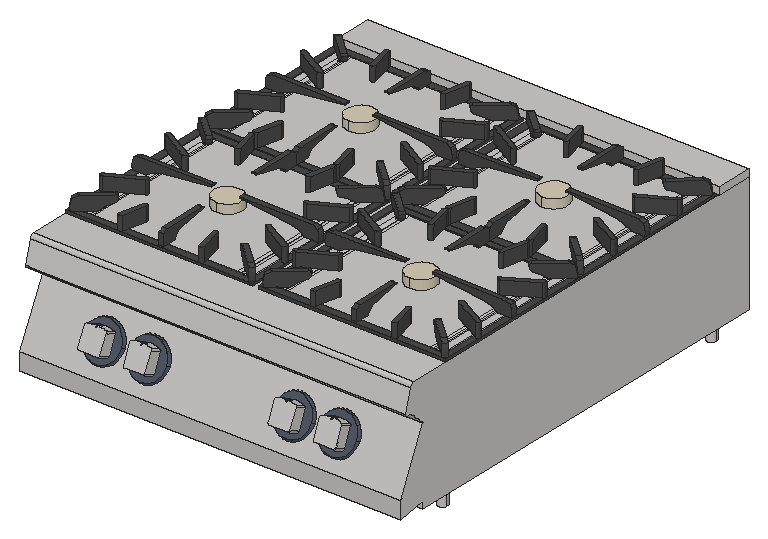
Revit family "QF_ZANUSSI_392002_Z9GCGH4S00", category Specialty Equipment, Revit 2018
Family settings
  Round Connector Dimension = Use Diameter
  Part Type = Normal
  Work Plane-Based = No
  Always vertical = Yes
  Cut with Voids When Loaded = No
  Shared = No
  Room Calculation Point = No
Parameters
  Weight in Pounds = 79
  Weight = 0.00 kg
  Watts = 0 W
  Volts = 0 V
  URL Manufacturer = "http://www.zanussiprofessional.com"
  URL Cutsheet = "www.electrolux.com"
  URL = "http://www.zanussiprofessional.com"
  Type Mark [instance] = ""
  Steam Supply Size = 0"
  Steam Supply Minimum Pressure = 0.00 psi
  Steam Supply Maximum Pressure = 0.00 psi
  Steam Pounds per Hour = 0
  Status [instance] = ""
  Specification by User [instance] = ""
  Specification by Manufacturer = ""
  Show Logo [instance] = yes
  Show Clearance [instance] = yes
  Serial Number = ""
  Seismic Rating = ""
  SMACNA No = ""
  Revision Code [instance] = ""
  Refrigeration Suction Line Size = 0"
  Refrigeration Liquid Line Size = 0"
  Refrigerant Compressor Remote = yes
  Phase = 0
  Omniclass Number and Title = ""
  NAFEM Spec ID Number = ""
  Model = "Z9GCGH4S00"
  Mechanical Remarks [instance] = ""
  Mechanical Connection Type [instance] = ""
  Masterspec = ""
  Manufacturer = "Zanussi"
  Length Actual = 800 mm  # constant formula
  Item Number [instance] = "392002"
  Installed By [instance] = ""
  Identify Quantity as Lot [instance] = yes
  Hot Water Size = 0"
  Height Actual = 250 mm  # constant formula
  HP = "0 HP"
  Gas Size = 1/2"
  Gas RI Height [instance] = 0 mm
  Gas KW [instance] = 28
  Gas Input [instance] = 0.691056 Btu/h
  Gas Connection Height = 0 mm
  Furnished By [instance] = ""
  Foodservice Equipment Identifier [instance] = yes
  Direct Waste Size = 0"
  Description = "4-BURNER GAS BOILING TOP 800 MM"
  Depth Actual = 900 mm  # constant formula
  Cycle = 0 Hz
  Condensate Return Size = 0"
  Compressed Air Volume = 0 GPM
  Compressed Air Size = 0"
  Compressed Air Pressure = 0.00 psi
  Cold Water Size = 0"
  CSI MasterFormat = ""
  CSI Master Format = ""
  Accessory = yes
Reference planes
  plane 1 "BACK": y = 0
  plane 2: z = 0
  plane 3 "LEFT": x = 0
  plane 4 "RIGHT": x = 800.1
  plane 5 "FRONT": y = -915
  plane 6 "TOP": z = 310
  plane 7 "Center Y": x = 400.05
  plane 8 "Center X": y = -457.5
  plane 9: z = 24
  plane 10: z = 274
  plane 11: y = -82
  plane 12: y = -900.275
  plane 13: y = -666
  plane 14: y = -607
  plane 15: y = -790
Forms (mm)
  Extrusion 1, solid, material "QF_Finishes_Stainless Steel"
    sketch origin (0, 0, 0) x (0, 1, 0) y (0, 0, 1)
      loop
        line (0, 24) -> (0, 273.175) -> (-879.358, 273.175)
        arc (-879.358, 273.175) -> (-884.643, 270.986) -> (-886.833, 265.701) r 7.474
        line (-886.833, 265.701) -> (-899.884, 220.186)
        arc (-899.884, 220.186) -> (-899.396, 217.554) -> (-897, 216.359) r 3
        line (-897, 216.359) -> (-886.802, 216.359) -> (-854.982, 184.539) -> (-915, 64.508) -> (-915, 29.508) -> (-858.645, 37.428)
        arc (-858.645, 37.428) -> (-856.101, 36.674) -> (-855, 34.259) r 3.2
        line (-855, 34.259) -> (-855, 24) -> (0, 24)
    from 0 to 800.1
  Extrusion 2, solid, material "QF_Finishes_Stainless Steel"
    sketch origin (0, -836.697, 23.812) x (1, 0, 0) y (0, -1, 0)
      loop
        circle (11.112, -754.697) r 9.5
      loop
        circle (788.987, -46.697) r 9.5
      loop
        circle (788.988, -754.697) r 9.5
      loop
        circle (11.112, -61.972) r 9.5
    from 0 to 23.812
  Extrusion 3, solid, material "QF_Finishes_Stainless Steel"
    sketch origin (0, -836.697, 23.812) x (1, 0, 0) y (0, -1, 0)
      loop
        circle (747.713, -170.697) r 6.4
      loop
        circle (649.1, -229.697) r 6.4
    from 0 to 20
  Extrusion 4, solid, material "QF_Finishes_Stainless Steel"
    sketch origin (0, 0, 0) x (0, 1, 0) y (0, 0, 1)
      loop
        line (0, 274) -> (0, 288.288) -> (-76.2, 288.288) -> (-76.2, 274) -> (0, 274)
    from 0 to 800.1
  Extrusion 5, solid, material "QF_Clearances", visible <- "Show Clearance", detail levels coarse
    sketch origin (0, 0, 0) x (1, 0, 0) y (0, 1, 0)
      loop
        line (0, -915) -> (0, 0) -> (800.1, 0) -> (800.1, -914.604) -> (900.113, -914.604) -> (900.113, 100.013) -> (-100.012, 100.013) -> (-100.012, -915) -> (0, -915)
    from 0 to 310
  Blend 6, solid, material "QF_Finishes_Navy Blue"
    base sketch origin (152.525, -884.991, 124.749) x (1, 0, 0) y (0, 0.444781, 0.895639)
      loop
        circle (0, 0) r 42.5
    top sketch origin (152.525, -884.991, 124.749) x (1, 0, 0) y (0, 0.444781, 0.895639)
      loop
        circle (0, 0) r 40.5
    from 0 to 5
  Extrusion 7, solid, material "QF_Finishes_Stainless Steel"
    sketch origin (152.525, -884.991, 124.749) x (1, 0, 0) y (0, 0.444781, 0.895639)
      loop
        arc (-21.147, 22.789) -> (-22.494, 21.685) -> (-23, 20.019) r 2.997
        line (-23, 20.019) -> (-23, -20.019)
        arc (-23, -20.019) -> (-22.122, -22.138) -> (-20.003, -23.016) r 2.997
        line (-20.003, -23.016) -> (20.003, -23.016)
        arc (20.003, -23.016) -> (22.122, -22.138) -> (23, -20.019) r 2.997
        line (23, -20.019) -> (23, 20.019)
        arc (23, 20.019) -> (22.494, 21.685) -> (21.147, 22.789) r 2.997
        arc (21.147, 22.789) -> (0, 26.984) -> (-21.147, 22.789) r 55.4
    from 10 to 34
  Extrusion 8, solid, material "QF_Plastic-Black-Matte"
    sketch origin (210.025, -884.991, 124.749) x (0, 0.444781, 0.895639) y (0, -0.895639, 0.444781)
      loop
        line (26.413, 33.716) -> (26.413, 18.716) -> (27.413, 18.716) -> (27.413, 33.716)
        arc (27.413, 33.716) -> (27.12, 34.424) -> (26.413, 34.716) r 1
        line (26.413, 34.716) -> (23.413, 34.716) -> (23.413, 33.716) -> (26.413, 33.716)
    from -58.5 to -56.5
  Extrusion 9, solid, material "QF_Finishes_Stainless Steel"
    sketch origin (152.525, -884.991, 124.749) x (1, 0, 0) y (0, 0.444781, 0.895639)
      loop
        line (17.5, 17.5) -> (-17.5, 17.5) -> (-17.5, -17.5) -> (17.5, -17.5) -> (17.5, 17.5)
    from 5 to 10
  Blend 10, solid, material "QF_Finishes_Navy Blue"
    base sketch origin (247.525, -884.991, 124.749) x (1, 0, 0) y (0, 0.444781, 0.895639)
      loop
        circle (0, 0) r 42.5
    top sketch origin (247.525, -884.991, 124.749) x (1, 0, 0) y (0, 0.444781, 0.895639)
      loop
        circle (0, 0) r 40.5
    from 0 to 5
  Extrusion 11, solid, material "QF_Finishes_Stainless Steel"
    sketch origin (247.525, -884.991, 124.749) x (1, 0, 0) y (0, 0.444781, 0.895639)
      loop
        arc (-21.147, 22.789) -> (-22.494, 21.685) -> (-23, 20.019) r 2.997
        line (-23, 20.019) -> (-23, -20.019)
        arc (-23, -20.019) -> (-22.122, -22.138) -> (-20.003, -23.016) r 2.997
        line (-20.003, -23.016) -> (20.003, -23.016)
        arc (20.003, -23.016) -> (22.122, -22.138) -> (23, -20.019) r 2.997
        line (23, -20.019) -> (23, 20.019)
        arc (23, 20.019) -> (22.494, 21.685) -> (21.147, 22.789) r 2.997
        arc (21.147, 22.789) -> (0, 26.984) -> (-21.147, 22.789) r 55.4
    from 10 to 34
  Extrusion 12, solid, material "QF_Finishes_Stainless Steel"
    sketch origin (247.525, -884.991, 124.749) x (1, 0, 0) y (0, 0.444781, 0.895639)
      loop
        line (17.5, 17.5) -> (-17.5, 17.5) -> (-17.5, -17.5) -> (17.5, -17.5) -> (17.5, 17.5)
    from 5 to 10
  Extrusion 13, solid, material "QF_Plastic-Black-Matte"
    sketch origin (190.025, -884.991, 124.749) x (0, 0.444781, 0.895639) y (0, 0.895639, -0.444781)
      loop
        line (26.413, -33.716) -> (23.413, -33.716) -> (23.413, -34.716) -> (26.413, -34.716)
        arc (26.413, -34.716) -> (27.12, -34.424) -> (27.413, -33.716) r 1
        line (27.413, -33.716) -> (27.413, -18.716) -> (26.413, -18.716) -> (26.413, -33.716)
    from -58.5 to -56.5
  Blend 14, solid, material "QF_Finishes_Navy Blue"
    base sketch origin (552.525, -884.991, 124.749) x (1, 0, 0) y (0, 0.444781, 0.895639)
      loop
        circle (0, 0) r 42.5
    top sketch origin (552.525, -884.991, 124.749) x (1, 0, 0) y (0, 0.444781, 0.895639)
      loop
        circle (0, 0) r 40.5
    from 0 to 5
  Extrusion 15, solid, material "QF_Finishes_Stainless Steel"
    sketch origin (552.525, -884.991, 124.749) x (1, 0, 0) y (0, 0.444781, 0.895639)
      loop
        arc (-21.147, 22.789) -> (-22.494, 21.685) -> (-23, 20.019) r 2.997
        line (-23, 20.019) -> (-23, -20.019)
        arc (-23, -20.019) -> (-22.122, -22.138) -> (-20.003, -23.016) r 2.997
        line (-20.003, -23.016) -> (20.003, -23.016)
        arc (20.003, -23.016) -> (22.122, -22.138) -> (23, -20.019) r 2.997
        line (23, -20.019) -> (23, 20.019)
        arc (23, 20.019) -> (22.494, 21.685) -> (21.147, 22.789) r 2.997
        arc (21.147, 22.789) -> (0, 26.984) -> (-21.147, 22.789) r 55.4
    from 10 to 34
  Extrusion 16, solid, material "QF_Plastic-Black-Matte"
    sketch origin (610.025, -884.991, 124.749) x (0, 0.444781, 0.895639) y (0, -0.895639, 0.444781)
      loop
        line (26.413, 33.716) -> (26.413, 18.716) -> (27.413, 18.716) -> (27.413, 33.716)
        arc (27.413, 33.716) -> (27.12, 34.424) -> (26.413, 34.716) r 1
        line (26.413, 34.716) -> (23.413, 34.716) -> (23.413, 33.716) -> (26.413, 33.716)
    from -58.5 to -56.5
  Extrusion 17, solid, material "QF_Finishes_Stainless Steel"
    sketch origin (552.525, -884.991, 124.749) x (1, 0, 0) y (0, 0.444781, 0.895639)
      loop
        line (17.5, 17.5) -> (-17.5, 17.5) -> (-17.5, -17.5) -> (17.5, -17.5) -> (17.5, 17.5)
    from 5 to 10
  Blend 18, solid, material "QF_Finishes_Navy Blue"
    base sketch origin (647.525, -884.991, 124.749) x (1, 0, 0) y (0, 0.444781, 0.895639)
      loop
        circle (0, 0) r 42.5
    top sketch origin (647.525, -884.991, 124.749) x (1, 0, 0) y (0, 0.444781, 0.895639)
      loop
        circle (0, 0) r 40.5
    from 0 to 5
  Extrusion 19, solid, material "QF_Finishes_Stainless Steel"
    sketch origin (647.525, -884.991, 124.749) x (1, 0, 0) y (0, 0.444781, 0.895639)
      loop
        arc (-21.147, 22.789) -> (-22.494, 21.685) -> (-23, 20.019) r 2.997
        line (-23, 20.019) -> (-23, -20.019)
        arc (-23, -20.019) -> (-22.122, -22.138) -> (-20.003, -23.016) r 2.997
        line (-20.003, -23.016) -> (20.003, -23.016)
        arc (20.003, -23.016) -> (22.122, -22.138) -> (23, -20.019) r 2.997
        line (23, -20.019) -> (23, 20.019)
        arc (23, 20.019) -> (22.494, 21.685) -> (21.147, 22.789) r 2.997
        arc (21.147, 22.789) -> (0, 26.984) -> (-21.147, 22.789) r 55.4
    from 10 to 34
  Extrusion 20, solid, material "QF_Finishes_Stainless Steel"
    sketch origin (647.525, -884.991, 124.749) x (1, 0, 0) y (0, 0.444781, 0.895639)
      loop
        line (17.5, 17.5) -> (-17.5, 17.5) -> (-17.5, -17.5) -> (17.5, -17.5) -> (17.5, 17.5)
    from 5 to 10
  Extrusion 21, solid, material "QF_Plastic-Black-Matte"
    sketch origin (590.025, -884.991, 124.749) x (0, 0.444781, 0.895639) y (0, 0.895639, -0.444781)
      loop
        line (26.413, -33.716) -> (23.413, -33.716) -> (23.413, -34.716) -> (26.413, -34.716)
        arc (26.413, -34.716) -> (27.12, -34.424) -> (27.413, -33.716) r 1
        line (27.413, -33.716) -> (27.413, -18.716) -> (26.413, -18.716) -> (26.413, -33.716)
    from -58.5 to -56.5
Lines and regions (mm)
  Split face 1
    outline origin (152.525, -889.469, 126.972) x (1, 0, 0) y (0, 0.444781, 0.895639)
      loop
        circle (-33, 0) r 3
  Split face 2
    outline origin (158.426, -889.469, 126.972) x (1, 0, 0) y (0, 0.444781, 0.895639)
      loop
        line (-8.901, 38.561) -> (-8.901, 28.561) -> (-2.901, 28.561) -> (-2.901, 38.561) -> (-8.901, 38.561)
  Split face 3
    outline origin (158.426, -889.469, 126.972) x (1, 0, 0) y (0, 0.444781, 0.895639)
      loop
        line (-8.401, 38.061) -> (-8.401, 29.061) -> (-3.401, 29.061) -> (-3.401, 38.061) -> (-8.401, 38.061)
  Split face 4
    outline origin (178.182, -875.159, 155.788) x (-1, 0, 0) y (0, -0.444781, -0.895639)
      loop
        circle (43.456, 61.543) r 1.5
  Split face 5
    outline origin (152.525, -889.469, 126.972) x (1, 0, 0) y (0, 0.444781, 0.895639)
      loop
        circle (-24.487, 26.694) r 3.497
  Split face 6
    outline origin (158.426, -859.615, 187.089) x (1, 0, 0) y (0, 0.444781, 0.895639)
      loop
        line (-8.401, -34.061) -> (-3.401, -34.061)
  Split face 7
    outline origin (158.426, -859.615, 187.089) x (1, 0, 0) y (0, 0.444781, 0.895639)
      loop
        line (-8.401, -33.561) -> (-3.401, -33.561)
  Split face 8
    outline origin (158.426, -859.615, 187.089) x (1, 0, 0) y (0, 0.444781, 0.895639)
      loop
        circle (-5.901, -31.311) r 2.029
  Split face 9
    outline origin (253.426, -889.469, 126.972) x (1, 0, 0) y (0, 0.444781, 0.895639)
      loop
        line (-8.901, 38.561) -> (-8.901, 28.561) -> (-2.901, 28.561) -> (-2.901, 38.561) -> (-8.901, 38.561)
  Split face 10
    outline origin (253.426, -889.469, 126.972) x (1, 0, 0) y (0, 0.444781, 0.895639)
      loop
        line (-8.401, 38.061) -> (-8.401, 29.061) -> (-3.401, 29.061) -> (-3.401, 38.061) -> (-8.401, 38.061)
  Split face 11
    outline origin (253.426, -889.469, 126.972) x (1, 0, 0) y (0, 0.444781, 0.895639)
      loop
        line (-8.401, 34.061) -> (-3.401, 34.061)
  Split face 12
    outline origin (253.426, -889.469, 126.972) x (1, 0, 0) y (0, 0.444781, 0.895639)
      loop
        line (-8.401, 33.561) -> (-3.401, 33.561)
  Split face 13
    outline origin (253.426, -889.469, 126.972) x (1, 0, 0) y (0, 0.444781, 0.895639)
      loop
        circle (-5.901, 31.311) r 2.029
  Split face 14
    outline origin (247.525, -889.469, 126.972) x (1, 0, 0) y (0, 0.444781, 0.895639)
      loop
        circle (-33, 0) r 3
  Split face 15
    outline origin (273.182, -875.159, 155.788) x (-1, 0, 0) y (0, -0.444781, -0.895639)
      loop
        circle (43.456, 61.543) r 1.5
  Split face 16
    outline origin (247.525, -889.469, 126.972) x (1, 0, 0) y (0, 0.444781, 0.895639)
      loop
        circle (-24.487, 26.694) r 3.497
  Split face 17
    outline origin (552.525, -889.469, 126.972) x (1, 0, 0) y (0, 0.444781, 0.895639)
      loop
        circle (-33, 0) r 3
  Split face 18
    outline origin (558.426, -889.469, 126.972) x (1, 0, 0) y (0, 0.444781, 0.895639)
      loop
        line (-8.901, 38.561) -> (-8.901, 28.561) -> (-2.901, 28.561) -> (-2.901, 38.561) -> (-8.901, 38.561)
  Split face 19
    outline origin (558.426, -889.469, 126.972) x (1, 0, 0) y (0, 0.444781, 0.895639)
      loop
        line (-8.401, 38.061) -> (-8.401, 29.061) -> (-3.401, 29.061) -> (-3.401, 38.061) -> (-8.401, 38.061)
  Split face 20
    outline origin (578.182, -875.159, 155.788) x (-1, 0, 0) y (0, -0.444781, -0.895639)
      loop
        circle (43.456, 61.543) r 1.5
  Split face 21
    outline origin (552.525, -889.469, 126.972) x (1, 0, 0) y (0, 0.444781, 0.895639)
      loop
        circle (-24.487, 26.694) r 3.497
  Split face 22
    outline origin (558.426, -859.615, 187.089) x (1, 0, 0) y (0, 0.444781, 0.895639)
      loop
        line (-8.401, -34.061) -> (-3.401, -34.061)
  Split face 23
    outline origin (558.426, -859.615, 187.089) x (1, 0, 0) y (0, 0.444781, 0.895639)
      loop
        line (-8.401, -33.561) -> (-3.401, -33.561)
  Split face 24
    outline origin (558.426, -859.615, 187.089) x (1, 0, 0) y (0, 0.444781, 0.895639)
      loop
        circle (-5.901, -31.311) r 2.029
  Split face 25
    outline origin (653.426, -889.469, 126.972) x (1, 0, 0) y (0, 0.444781, 0.895639)
      loop
        line (-8.901, 38.561) -> (-8.901, 28.561) -> (-2.901, 28.561) -> (-2.901, 38.561) -> (-8.901, 38.561)
  Split face 26
    outline origin (653.426, -889.469, 126.972) x (1, 0, 0) y (0, 0.444781, 0.895639)
      loop
        line (-8.401, 38.061) -> (-8.401, 29.061) -> (-3.401, 29.061) -> (-3.401, 38.061) -> (-8.401, 38.061)
  Split face 27
    outline origin (653.426, -889.469, 126.972) x (1, 0, 0) y (0, 0.444781, 0.895639)
      loop
        line (-8.401, 34.061) -> (-3.401, 34.061)
  Split face 28
    outline origin (653.426, -889.469, 126.972) x (1, 0, 0) y (0, 0.444781, 0.895639)
      loop
        line (-8.401, 33.561) -> (-3.401, 33.561)
  Split face 29
    outline origin (653.426, -889.469, 126.972) x (1, 0, 0) y (0, 0.444781, 0.895639)
      loop
        circle (-5.901, 31.311) r 2.029
  Split face 30
    outline origin (647.525, -889.469, 126.972) x (1, 0, 0) y (0, 0.444781, 0.895639)
      loop
        circle (-33, 0) r 3
  Split face 31
    outline origin (673.182, -875.159, 155.788) x (-1, 0, 0) y (0, -0.444781, -0.895639)
      loop
        circle (43.456, 61.543) r 1.5
  Split face 32
    outline origin (647.525, -889.469, 126.972) x (1, 0, 0) y (0, 0.444781, 0.895639)
      loop
        circle (-24.487, 26.694) r 3.497
  symbolic lines, style "QF_Clearances", visible <- "Show Clearance", detail levels coarse
    curve 1: line (-100.013, -915, 0) -> (-100.013, 100.013, 0)
    curve 2: line (-100.013, 100.013, 0) -> (900.113, 100.013, 0)
    curve 3: line (900.113, 100.013, 0) -> (900.113, -914.604, 0)
  symbolic lines
    curve 4: line (0, 0, 0) -> (800.1, 0, 0)
    curve 5: line (800.1, 0, 0) -> (800.1, -914.604, 0)
    curve 6: line (0, -914.604, 0) -> (0, 0, 0)
    curve 7: line (0, -76.2, 0) -> (800.1, -76.2, 0)
    curve 8: line (129.525, -900, 0) -> (129.525, -924.347, 0)
    curve 9: arc (129.525, -924.347, 0) -> (129.671, -924.811, 0) -> (130.057, -925.107, 0) r 0.809
    curve 10: arc (130.057, -925.107, 0) -> (131.245, -925.587, 0) -> (132.522, -925.68, 0) r 4.127
    curve 11: arc (129.525, -904.292, 0) -> (124.484, -902.458, 0) -> (119.716, -900, 0) r 42.24
    curve 12: arc (129.525, -906.539, 0) -> (130.027, -905.818, 0) -> (130.824, -905.448, 0) r 1.682
    curve 13: arc (130.824, -905.448, 0) -> (141.127, -903.95, 0) -> (151.525, -903.441, 0) r 109.079
    curve 14: line (151.525, -900, 0) -> (151.525, -905.671, 0)
    curve 15: line (151.525, -905.671, 0) -> (153.525, -905.671, 0)
    curve 16: line (153.525, -905.671, 0) -> (153.525, -900, 0)
    curve 17: line (175.525, -900, 0) -> (175.525, -924.347, 0)
    curve 18: arc (175.525, -924.347, 0) -> (175.379, -924.811, 0) -> (174.993, -925.107, 0) r 0.809
    curve 19: arc (174.993, -925.107, 0) -> (173.805, -925.587, 0) -> (172.528, -925.68, 0) r 4.127
    curve 20: arc (175.525, -904.292, 0) -> (180.566, -902.458, 0) -> (185.334, -900, 0) r 42.24
    curve 21: arc (175.525, -906.539, 0) -> (175.023, -905.818, 0) -> (174.226, -905.448, 0) r 1.682
    curve 22: arc (174.226, -905.448, 0) -> (163.923, -903.95, 0) -> (153.525, -903.441, 0) r 109.079
    curve 23: line (132.522, -925.68, 0) -> (172.528, -925.68, 0)
    curve 24: line (270.525, -900, 0) -> (270.525, -924.347, 0)
    curve 25: arc (270.525, -924.347, 0) -> (270.379, -924.811, 0) -> (269.993, -925.107, 0) r 0.809
    curve 26: arc (269.993, -925.107, 0) -> (268.805, -925.587, 0) -> (267.528, -925.68, 0) r 4.127
    curve 27: arc (270.525, -904.292, 0) -> (275.566, -902.458, 0) -> (280.334, -900, 0) r 42.24
    curve 28: arc (270.525, -906.539, 0) -> (270.023, -905.818, 0) -> (269.226, -905.448, 0) r 1.682
    curve 29: arc (269.226, -905.448, 0) -> (258.923, -903.95, 0) -> (248.525, -903.441, 0) r 109.079
    curve 30: line (248.525, -900, 0) -> (248.525, -905.671, 0)
    curve 31: line (248.525, -905.671, 0) -> (246.525, -905.671, 0)
    curve 32: line (246.525, -905.671, 0) -> (246.525, -900, 0)
    curve 33: line (224.525, -900, 0) -> (224.525, -924.347, 0)
    curve 34: arc (224.525, -924.347, 0) -> (224.671, -924.811, 0) -> (225.057, -925.107, 0) r 0.809
    curve 35: arc (225.057, -925.107, 0) -> (226.245, -925.587, 0) -> (227.522, -925.68, 0) r 4.127
    curve 36: arc (224.525, -904.292, 0) -> (219.484, -902.458, 0) -> (214.716, -900, 0) r 42.24
    curve 37: arc (224.525, -906.539, 0) -> (225.027, -905.818, 0) -> (225.824, -905.448, 0) r 1.682
    curve 38: arc (225.824, -905.448, 0) -> (236.127, -903.95, 0) -> (246.525, -903.441, 0) r 109.079
    curve 39: line (267.528, -925.68, 0) -> (227.522, -925.68, 0)
    curve 40: line (175.525, -915, 0) -> (224.525, -915, 0)
    curve 41: line (270.525, -915, 0) -> (400.05, -915, 0)
    curve 42: line (0, -915, 0) -> (129.525, -915, 0)
    curve 43: line (529.575, -900, 0) -> (529.575, -924.347, 0)
    curve 44: arc (529.575, -924.347, 0) -> (529.721, -924.811, 0) -> (530.107, -925.107, 0) r 0.809
    curve 45: arc (530.107, -925.107, 0) -> (531.295, -925.587, 0) -> (532.572, -925.68, 0) r 4.127
    curve 46: arc (529.575, -904.292, 0) -> (524.534, -902.458, 0) -> (519.766, -900, 0) r 42.24
    curve 47: arc (529.575, -906.539, 0) -> (530.077, -905.818, 0) -> (530.874, -905.448, 0) r 1.682
    curve 48: arc (530.874, -905.448, 0) -> (541.177, -903.95, 0) -> (551.575, -903.441, 0) r 109.079
    curve 49: line (551.575, -900, 0) -> (551.575, -905.671, 0)
    curve 50: line (551.575, -905.671, 0) -> (553.575, -905.671, 0)
    curve 51: line (553.575, -905.671, 0) -> (553.575, -900, 0)
    curve 52: line (575.575, -900, 0) -> (575.575, -924.347, 0)
    curve 53: arc (575.575, -924.347, 0) -> (575.429, -924.811, 0) -> (575.043, -925.107, 0) r 0.809
    curve 54: arc (575.043, -925.107, 0) -> (573.855, -925.587, 0) -> (572.578, -925.68, 0) r 4.127
    curve 55: arc (575.575, -904.292, 0) -> (580.616, -902.458, 0) -> (585.384, -900, 0) r 42.24
    curve 56: arc (575.575, -906.539, 0) -> (575.073, -905.818, 0) -> (574.276, -905.448, 0) r 1.682
    curve 57: arc (574.276, -905.448, 0) -> (563.973, -903.95, 0) -> (553.575, -903.441, 0) r 109.079
    curve 58: line (532.572, -925.68, 0) -> (572.578, -925.68, 0)
    curve 59: line (670.575, -900, 0) -> (670.575, -924.347, 0)
    curve 60: arc (670.575, -924.347, 0) -> (670.429, -924.811, 0) -> (670.043, -925.107, 0) r 0.809
    curve 61: arc (670.043, -925.107, 0) -> (668.855, -925.587, 0) -> (667.578, -925.68, 0) r 4.127
    curve 62: arc (670.575, -904.292, 0) -> (675.616, -902.458, 0) -> (680.384, -900, 0) r 42.24
    curve 63: arc (670.575, -906.539, 0) -> (670.073, -905.818, 0) -> (669.276, -905.448, 0) r 1.682
    curve 64: arc (669.276, -905.448, 0) -> (658.973, -903.95, 0) -> (648.575, -903.441, 0) r 109.079
    curve 65: line (648.575, -900, 0) -> (648.575, -905.671, 0)
    curve 66: line (648.575, -905.671, 0) -> (646.575, -905.671, 0)
    curve 67: line (646.575, -905.671, 0) -> (646.575, -900, 0)
    curve 68: line (624.575, -900, 0) -> (624.575, -924.347, 0)
    curve 69: arc (624.575, -924.347, 0) -> (624.721, -924.811, 0) -> (625.107, -925.107, 0) r 0.809
    curve 70: arc (625.107, -925.107, 0) -> (626.295, -925.587, 0) -> (627.572, -925.68, 0) r 4.127
    curve 71: arc (624.575, -904.292, 0) -> (619.534, -902.458, 0) -> (614.766, -900, 0) r 42.24
    curve 72: arc (624.575, -906.539, 0) -> (625.077, -905.818, 0) -> (625.874, -905.448, 0) r 1.682
    curve 73: arc (625.874, -905.448, 0) -> (636.177, -903.95, 0) -> (646.575, -903.441, 0) r 109.079
    curve 74: line (667.578, -925.68, 0) -> (627.572, -925.68, 0)
    curve 75: line (575.575, -915, 0) -> (624.575, -915, 0)
    curve 76: line (670.575, -915, 0) -> (800.1, -915, 0)
    curve 77: line (400.05, -915, 0) -> (529.575, -915, 0)
    curve 78: line (0, -900, 0) -> (800.1, -900, 0)
Dimensions and locks
  equal spacing: plane 3 "LEFT", plane 7 "Center Y", plane 4 "RIGHT"
  plane 3 "LEFT" to plane 4 "RIGHT" = 800.1 mm
  equal spacing: plane 5 "FRONT", plane 8 "Center X", plane 1 "BACK"
  plane 5 "FRONT" to plane 1 "BACK" = 915 mm  (x2)
  plane 6 "TOP" to plane 2 = 310 mm  (x2)
  plane 9 to plane 2 = 24 mm  (x2)
  plane 6 "TOP" to plane 10 = 36 mm
  plane 10 to plane 2 = 274 mm
  locked: plane 4 "RIGHT" to Extrusion 5 sketch curve at 100.013
  plane 10 to plane 9 = 250 mm  (x2)
  Extrusion 2 sketch curve to plane 1 "BACK" = 82 mm
  Extrusion 3 sketch curve to plane 1 "BACK" = 666 mm
  Extrusion 3 sketch curve to plane 4 "RIGHT" = 52.388 mm
  plane 11 to plane 1 "BACK" = 82 mm
  Extrusion 3 sketch curve to plane 4 "RIGHT" = 151 mm
  Extrusion 3 sketch curve to plane 1 "BACK" = 607 mm
  plane 14 to plane 1 "BACK" = 607 mm
  plane 13 to plane 1 "BACK" = 666 mm
  Extrusion 3 to plane 9 = 20.188 mm
  Extrusion 2 sketch curve to Extrusion 2 sketch curve = 708 mm
  plane 15 to plane 11 = 708 mm
  plane 12 to plane 15 = 110.275 mm
  plane 5 "FRONT" to plane 12 = 14.725 mm
  aligned and locked: level to plane 2
  aligned and locked: Extrusion 2 to plane 2
  aligned and locked: Extrusion 1 to plane 4 "RIGHT"
  aligned and locked: plane 6 "TOP" to Extrusion 5
  aligned and locked: plane 4 "RIGHT" to Extrusion 5 sketch curve
  aligned and locked: Extrusion 4 to plane 4 "RIGHT"
Automatic sketch dimensions
  plane 5 "FRONT" to curve 1 = 0 mm
  curve 5 to plane 4 "RIGHT" = 0 mm
  plane 1 "BACK" to curve 4 = 0 mm
  curve 2 to plane 3 "LEFT" = 100.013 mm
  curve 2 to plane 4 "RIGHT" = 100.013 mm
  curve 3 to plane 1 "BACK" = 100.013 mm
  curve 3 to plane 5 "FRONT" = 0.396 mm
  plane 11 to curve 7 = 5.8 mm
  Extrusion 1 sketch curve to plane 5 "FRONT" = 0 mm
  Extrusion 1 sketch curve to plane 9 = 0 mm
  Extrusion 1 sketch curve to plane 1 "BACK" = 0 mm
  Extrusion 1 sketch curve to plane 12 = 0.391 mm
  Extrusion 1 sketch curve to Extrusion 1 sketch curve = 2.884 mm
  Extrusion 1 sketch curve to plane 12 = 13.442 mm
  Extrusion 1 sketch curve to Extrusion 1 sketch curve = 10.198 mm
  Extrusion 1 sketch curve to Extrusion 1 sketch curve = 7.474 mm
  plane 9 to Extrusion 1 sketch curve = 13.428 mm
  Extrusion 1 sketch curve to plane 12 = 41.63 mm
  Extrusion 1 sketch curve to Extrusion 1 sketch curve = 0.445 mm
  Extrusion 1 sketch curve to Extrusion 1 sketch curve = 3.2 mm
  Extrusion 1 sketch curve to Extrusion 1 sketch curve = 31.82 mm  (x2)
  plane 9 to Extrusion 1 sketch curve = 5.508 mm
  Extrusion 1 sketch curve to Extrusion 1 sketch curve = 35 mm
  Extrusion 1 sketch curve to plane 10 = 89.461 mm
  Extrusion 1 sketch curve to Extrusion 1 sketch curve = 3 mm
  Extrusion 1 sketch curve to plane 10 = 8.299 mm
  Extrusion 2 sketch curve to plane 11 = 0 mm
  plane 3 "LEFT" to Extrusion 2 sketch curve = 11.112 mm  (x2)
  plane 4 "RIGHT" to Extrusion 2 sketch curve = 11.112 mm
  plane 4 "RIGHT" to Extrusion 2 sketch curve = 11.113 mm
  plane 15 to Extrusion 2 sketch curve = 15.275 mm
  Extrusion 4 sketch curve to plane 10 = 0 mm
  Extrusion 4 sketch curve to plane 1 "BACK" = 0 mm
  plane 11 to Extrusion 4 sketch curve = 5.8 mm
  Extrusion 4 sketch curve to Extrusion 4 sketch curve = 14.288 mm
  plane 5 "FRONT" to Extrusion 5 sketch curve = 0 mm
  plane 1 "BACK" to Extrusion 5 sketch curve = 0 mm
  Extrusion 5 sketch curve to plane 3 "LEFT" = 0 mm
  Extrusion 5 sketch curve to plane 3 "LEFT" = 100.012 mm
  Extrusion 5 sketch curve to plane 5 "FRONT" = 0.396 mm
  Extrusion 5 sketch curve to plane 1 "BACK" = 100.013 mm
  plane 3 "LEFT" to Blend 6 sketch curve = 152.525 mm  (x2)
  plane 3 "LEFT" to Extrusion 7 sketch curve = 129.525 mm
  Extrusion 7 sketch curve to Extrusion 7 sketch curve = 2.997 mm  (x3)
  Extrusion 7 sketch curve to Extrusion 7 sketch curve = 20.003 mm  (x2)
  Extrusion 7 sketch curve to Extrusion 7 sketch curve = 40.005 mm
  Extrusion 7 sketch curve to Extrusion 7 sketch curve = 5.399 mm
  Extrusion 7 sketch curve to Extrusion 7 sketch curve = 40.037 mm
  Extrusion 7 sketch curve to Extrusion 7 sketch curve = 0 mm  (x2)
  plane 12 to Extrusion 8 sketch curve = 5.396 mm
  Extrusion 8 sketch curve to plane 10 = 112.841 mm
  Extrusion 8 sketch curve to Extrusion 8 sketch curve = 3 mm
  Extrusion 8 sketch curve to Extrusion 8 sketch curve = 0 mm  (x2)
  Extrusion 8 sketch curve to Extrusion 8 sketch curve = 1 mm
  Extrusion 8 sketch curve to Extrusion 8 sketch curve = 15 mm
  plane 3 "LEFT" to Extrusion 9 sketch curve = 135.025 mm
  Extrusion 9 sketch curve to Extrusion 9 sketch curve = 35 mm  (x2)
  Split face 2 sketch curve to Split face 2 sketch curve = 6 mm
  Split face 2 sketch curve to Split face 2 sketch curve = 10 mm
  Split face 3 sketch curve to Split face 3 sketch curve = 5 mm
  Split face 3 sketch curve to Split face 3 sketch curve = 9 mm
  Split face 6 sketch curve to Split face 6 sketch curve = 5 mm
  Split face 7 sketch curve to Split face 7 sketch curve = 5 mm
  Blend 10 sketch curve to plane 7 "Center Y" = 152.525 mm  (x2)
  Extrusion 11 sketch curve to plane 7 "Center Y" = 175.525 mm
  Extrusion 11 sketch curve to Extrusion 11 sketch curve = 2.997 mm  (x3)
  Extrusion 11 sketch curve to Extrusion 11 sketch curve = 20.003 mm  (x2)
  Extrusion 11 sketch curve to Extrusion 11 sketch curve = 40.005 mm
  Extrusion 11 sketch curve to Extrusion 11 sketch curve = 5.399 mm
  Extrusion 11 sketch curve to Extrusion 11 sketch curve = 40.037 mm
  Extrusion 11 sketch curve to Extrusion 11 sketch curve = 0 mm  (x2)
  Extrusion 12 sketch curve to plane 7 "Center Y" = 170.025 mm
  Extrusion 12 sketch curve to Extrusion 12 sketch curve = 35 mm  (x2)
  plane 12 to Extrusion 13 sketch curve = 5.396 mm
  Extrusion 13 sketch curve to plane 10 = 112.841 mm
  Extrusion 13 sketch curve to Extrusion 13 sketch curve = 3 mm
  Extrusion 13 sketch curve to Extrusion 13 sketch curve = 0 mm
  Extrusion 13 sketch curve to Extrusion 13 sketch curve = 1 mm  (x2)
  Extrusion 13 sketch curve to Extrusion 13 sketch curve = 15 mm
  Split face 9 sketch curve to Split face 9 sketch curve = 6 mm
  Split face 9 sketch curve to Split face 9 sketch curve = 10 mm
  Split face 10 sketch curve to Split face 10 sketch curve = 5 mm
  Split face 10 sketch curve to Split face 10 sketch curve = 9 mm
  Split face 11 sketch curve to Split face 11 sketch curve = 5 mm
  Split face 12 sketch curve to Split face 12 sketch curve = 5 mm
  plane 7 "Center Y" to Blend 14 sketch curve = 152.475 mm  (x2)
  plane 7 "Center Y" to Extrusion 15 sketch curve = 129.475 mm
  Extrusion 15 sketch curve to Extrusion 15 sketch curve = 2.997 mm  (x3)
  Extrusion 15 sketch curve to Extrusion 15 sketch curve = 20.003 mm  (x2)
  Extrusion 15 sketch curve to Extrusion 15 sketch curve = 40.005 mm
  Extrusion 15 sketch curve to Extrusion 15 sketch curve = 5.399 mm
  Extrusion 15 sketch curve to Extrusion 15 sketch curve = 40.037 mm
  Extrusion 15 sketch curve to Extrusion 15 sketch curve = 0 mm  (x2)
  plane 12 to Extrusion 16 sketch curve = 5.396 mm
  Extrusion 16 sketch curve to plane 10 = 112.841 mm
  Extrusion 16 sketch curve to Extrusion 16 sketch curve = 3 mm
  Extrusion 16 sketch curve to Extrusion 16 sketch curve = 0 mm  (x2)
  Extrusion 16 sketch curve to Extrusion 16 sketch curve = 1 mm
  Extrusion 16 sketch curve to Extrusion 16 sketch curve = 15 mm
  plane 7 "Center Y" to Extrusion 17 sketch curve = 134.975 mm
  Extrusion 17 sketch curve to Extrusion 17 sketch curve = 35 mm  (x2)
  Split face 18 sketch curve to Split face 18 sketch curve = 6 mm
  Split face 18 sketch curve to Split face 18 sketch curve = 10 mm
  Split face 19 sketch curve to Split face 19 sketch curve = 5 mm
  Split face 19 sketch curve to Split face 19 sketch curve = 9 mm
  Split face 22 sketch curve to Split face 22 sketch curve = 5 mm
  Split face 23 sketch curve to Split face 23 sketch curve = 5 mm
  plane 4 "RIGHT" to Blend 18 sketch curve = 152.575 mm  (x2)
  plane 4 "RIGHT" to Extrusion 19 sketch curve = 175.575 mm
  Extrusion 19 sketch curve to Extrusion 19 sketch curve = 2.997 mm  (x3)
  Extrusion 19 sketch curve to Extrusion 19 sketch curve = 20.003 mm  (x2)
  Extrusion 19 sketch curve to Extrusion 19 sketch curve = 40.005 mm
  Extrusion 19 sketch curve to Extrusion 19 sketch curve = 5.399 mm
  Extrusion 19 sketch curve to Extrusion 19 sketch curve = 40.037 mm
  Extrusion 19 sketch curve to Extrusion 19 sketch curve = 0 mm  (x2)
  plane 4 "RIGHT" to Extrusion 20 sketch curve = 170.075 mm
  Extrusion 20 sketch curve to Extrusion 20 sketch curve = 35 mm  (x2)
  plane 12 to Extrusion 21 sketch curve = 5.396 mm
  Extrusion 21 sketch curve to plane 10 = 112.841 mm
  Extrusion 21 sketch curve to Extrusion 21 sketch curve = 3 mm
  Extrusion 21 sketch curve to Extrusion 21 sketch curve = 0 mm
  Extrusion 21 sketch curve to Extrusion 21 sketch curve = 1 mm  (x2)
  Extrusion 21 sketch curve to Extrusion 21 sketch curve = 15 mm
  Split face 25 sketch curve to Split face 25 sketch curve = 6 mm
  Split face 25 sketch curve to Split face 25 sketch curve = 10 mm
  Split face 26 sketch curve to Split face 26 sketch curve = 5 mm
  Split face 26 sketch curve to Split face 26 sketch curve = 9 mm
  Split face 27 sketch curve to Split face 27 sketch curve = 5 mm
  Split face 28 sketch curve to Split face 28 sketch curve = 5 mm
  curve 6 to plane 5 "FRONT" = 0.396 mm
  curve 5 to plane 5 "FRONT" = 0.396 mm
  curve 78 to plane 3 "LEFT" = 0 mm
  curve 42 to plane 3 "LEFT" = 0 mm
  curve 77 to plane 7 "Center Y" = 0 mm
  curve 76 to plane 4 "RIGHT" = 0 mm
  plane 3 "LEFT" to curve 9 = 130.334 mm
  curve 9 to curve 12 = 0.774 mm
  curve 9 to curve 10 = 1.846 mm
  curve 12 to curve 11 = 10.309 mm
  curve 9 to curve 13 = 21.322 mm
  curve 13 to curve 22 = 1.738 mm
  curve 11 to curve 20 = 22.215 mm
  curve 10 to curve 19 = 40.691 mm
  curve 19 to curve 21 = 1.071 mm
  curve 18 to curve 34 = 50.617 mm
  curve 34 to curve 37 = 0.774 mm
  curve 34 to curve 35 = 1.846 mm
  curve 37 to curve 36 = 10.309 mm
  curve 34 to curve 38 = 21.322 mm
  curve 38 to curve 29 = 1.738 mm
  curve 36 to curve 27 = 22.215 mm
  curve 35 to curve 26 = 40.691 mm
  curve 26 to curve 28 = 1.071 mm
  plane 7 "Center Y" to curve 44 = 130.334 mm
  curve 44 to curve 47 = 0.774 mm
  curve 44 to curve 45 = 1.846 mm
  curve 47 to curve 46 = 10.309 mm
  curve 44 to curve 48 = 21.322 mm
  curve 48 to curve 57 = 1.738 mm
  curve 46 to curve 55 = 22.215 mm
  curve 54 to curve 56 = 1.071 mm
  curve 54 to curve 53 = 1.846 mm
  curve 53 to curve 69 = 50.617 mm
  curve 69 to curve 72 = 0.774 mm
  curve 69 to curve 70 = 1.846 mm
  curve 72 to curve 71 = 10.309 mm
  curve 69 to curve 73 = 21.322 mm
  curve 73 to curve 64 = 1.738 mm
  curve 71 to curve 62 = 22.215 mm
  curve 61 to curve 63 = 1.071 mm
  curve 11 to plane 5 "FRONT" = 51.239 mm
  curve 11 to curve 20 = 0 mm
  curve 20 to curve 27 = 0 mm
  curve 36 to curve 27 = 0 mm
  curve 71 to curve 62 = 0 mm
  curve 46 to curve 71 = 0 mm
  curve 46 to curve 55 = 0 mm
  curve 12 to curve 21 = 0 mm
  curve 72 to curve 63 = 0 mm
  curve 47 to curve 56 = 0 mm
  curve 37 to curve 28 = 0 mm
  curve 45 to curve 47 = 14.462 mm
  curve 35 to curve 37 = 14.462 mm
  curve 61 to curve 63 = 14.462 mm
  curve 19 to curve 21 = 14.462 mm
  curve 69 to curve 70 = 2.779 mm
  curve 44 to curve 45 = 2.779 mm
  curve 25 to curve 26 = 2.779 mm
  curve 9 to curve 10 = 2.779 mm
  curve 34 to curve 35 = 2.779 mm
  curve 60 to curve 61 = 2.779 mm
  curve 53 to curve 54 = 2.779 mm
  curve 18 to curve 19 = 2.779 mm
  curve 22 to curve 18 = 88.173 mm
  curve 29 to curve 25 = 88.173 mm
  curve 73 to curve 69 = 88.173 mm
  curve 73 to curve 64 = 0 mm  (x2)
  curve 38 to curve 29 = 0 mm  (x2)
  curve 13 to curve 22 = 0 mm  (x2)
  curve 48 to curve 44 = 88.173 mm
  curve 48 to curve 57 = 0 mm  (x2)
  curve 11 to curve 12 = 11.392 mm
  curve 9 to curve 9 = 0.809 mm
  curve 10 to curve 9 = 0.277 mm
  curve 13 to curve 12 = 0.284 mm
  curve 9 to curve 23 = 2.465 mm
  curve 12 to curve 13 = 20.417 mm
  curve 13 to curve 22 = 2 mm
  curve 19 to curve 18 = 2.189 mm
  curve 21 to curve 22 = 0.284 mm
  curve 18 to curve 18 = 0.277 mm
  curve 22 to curve 20 = 1.299 mm
  curve 18 to curve 17 = 0.809 mm
  curve 17 to curve 20 = 9.809 mm
  curve 36 to curve 37 = 11.392 mm
  curve 34 to curve 34 = 0.809 mm
  curve 35 to curve 34 = 0.277 mm
  curve 38 to curve 37 = 0.284 mm
  curve 34 to curve 35 = 2.465 mm
  curve 37 to curve 32 = 20.417 mm
  curve 31 to curve 31 = 2 mm
  curve 26 to curve 25 = 2.189 mm
  curve 28 to curve 28 = 0.284 mm
  curve 25 to curve 25 = 0.277 mm
  curve 25 to curve 25 = 0.809 mm
  curve 29 to curve 27 = 1.299 mm
  curve 24 to curve 27 = 9.809 mm
  curve 46 to curve 47 = 11.392 mm
  curve 44 to curve 44 = 0.809 mm
  curve 44 to curve 44 = 0.277 mm
  curve 47 to curve 47 = 0.284 mm
  curve 44 to curve 45 = 2.465 mm
  curve 47 to curve 49 = 20.417 mm
  curve 48 to curve 57 = 2 mm
  curve 54 to curve 53 = 2.189 mm
  curve 56 to curve 57 = 0.284 mm
  curve 53 to curve 53 = 0.277 mm
  curve 57 to curve 55 = 1.299 mm
  curve 52 to curve 55 = 9.809 mm
  curve 71 to curve 72 = 11.392 mm
  curve 71 to curve 72 = 1.583 mm
  curve 70 to curve 69 = 0.277 mm
  curve 72 to curve 72 = 0.284 mm
  curve 69 to curve 74 = 2.465 mm
  curve 72 to curve 67 = 20.701 mm
  curve 73 to curve 64 = 2 mm
  curve 61 to curve 60 = 2.189 mm
  curve 63 to curve 63 = 0.284 mm
  curve 60 to curve 60 = 0.277 mm
  curve 60 to curve 60 = 0.809 mm
  curve 64 to curve 62 = 1.299 mm
  curve 59 to curve 62 = 9.809 mm
  curve 21 to curve 16 = 7.106 mm
  curve 46 to curve 43 = 4.292 mm
  curve 28 to curve 27 = 7.106 mm
  curve 27 to curve 24 = 4.292 mm
  curve 63 to curve 62 = 7.106 mm
  curve 62 to curve 59 = 4.292 mm
  curve 47 to curve 49 = 7.106 mm
  curve 55 to curve 52 = 4.292 mm
  curve 48 to curve 49 = 3.441 mm
  curve 38 to curve 32 = 3.441 mm
  curve 13 to curve 14 = 3.441 mm
  curve 64 to curve 65 = 3.441 mm
  curve 32 to curve 38 = 2.23 mm
  curve 67 to curve 73 = 2.23 mm
  curve 15 to curve 22 = 2.23 mm
  curve 49 to curve 48 = 2.23 mm
  curve 54 to curve 75 = 6.567 mm
  curve 61 to curve 76 = 6.567 mm
  curve 10 to curve 42 = 6.567 mm
  curve 45 to curve 77 = 6.567 mm
  curve 19 to curve 40 = 6.567 mm
  radius of Extrusion 2 sketch curve = 9.5 mm  (x4)
  radius of Extrusion 3 sketch curve = 6.4 mm  (x2)
  radius of Blend 6 sketch curve = 42.5 mm
  radius of Blend 6 sketch curve = 40.5 mm
  radius of Split face 1 sketch curve = 3 mm
  radius of Split face 4 sketch curve = 1.5 mm
  radius of Split face 5 sketch curve = 3.497 mm
  radius of Split face 8 sketch curve = 2.029 mm
  radius of Blend 10 sketch curve = 42.5 mm
  radius of Blend 10 sketch curve = 40.5 mm
  radius of Split face 13 sketch curve = 2.029 mm
  radius of Split face 14 sketch curve = 3 mm
  radius of Split face 15 sketch curve = 1.5 mm
  radius of Split face 16 sketch curve = 3.497 mm
  radius of Blend 14 sketch curve = 42.5 mm
  radius of Blend 14 sketch curve = 40.5 mm
  radius of Split face 17 sketch curve = 3 mm
  radius of Split face 20 sketch curve = 1.5 mm
  radius of Split face 21 sketch curve = 3.497 mm
  radius of Split face 24 sketch curve = 2.029 mm
  radius of Blend 18 sketch curve = 42.5 mm
  radius of Blend 18 sketch curve = 40.5 mm
  radius of Split face 29 sketch curve = 2.029 mm
  radius of Split face 30 sketch curve = 3 mm
  radius of Split face 31 sketch curve = 1.5 mm
  radius of Split face 32 sketch curve = 3.497 mm
Nested families
  nested 1: "QF_392002_BURNER" at (0, -440.487, -576.213), type "QF_392002_BURNER"
    with Type Mark "", Status "", Specification by User "", Revision Code "", Item Number "", Installed By "", Identify Quantity as Lot yes, Furnished By "", Foodservice Equipment Identifier yes
  nested 2: "QF_392002_BURNER" at (406.4, -440.487, -576.213), type "QF_392002_BURNER"
    with Type Mark "", Status "", Specification by User "", Revision Code "", Item Number "", Installed By "", Identify Quantity as Lot yes, Furnished By "", Foodservice Equipment Identifier yes
  nested 3: "QF_392002_BURNER" at (0, -440.487, -576.213), type "QF_392002_BURNER"
    with Type Mark "", Status "", Specification by User "", Revision Code "", Item Number "", Installed By "", Identify Quantity as Lot yes, Furnished By "", Foodservice Equipment Identifier yes
  nested 4: "QF_392002_BURNER" at (406.4, -440.487, -576.213), type "QF_392002_BURNER"
    with Type Mark "", Status "", Specification by User "", Revision Code "", Item Number "", Installed By "", Identify Quantity as Lot yes, Furnished By "", Foodservice Equipment Identifier yes
Connectors
  piping at (747.713, -666, 3.812), diameter 12.8
    settings: on Extrusion 3, index 1, connector inside diameter 0.50394", connector length 0 mm, flow factor 0, pipe flow 0 GPM, pressure drop 0.00 psi, fitting loss kfactor 0, connector angle 0.00°, fixture units 0, engagement length 0 mm, angle of deflection 0.00°, flow configuration 1, flow direction 1, fitting loss method 0, system type 7, joint type 0, gender type 0, connector reference index -1, connector utility 0, adjustable connector no, is connector primary yes, connector description "GAS CONNECTION"
Definition of nested family "QF_392002_BURNER"
  Parameters
    Weight in Pounds = 0
    URL Cutsheet = ""
    URL = "www.electrolux.com"
    Type Mark [instance] = ""
    Status [instance] = ""
    Specification by User [instance] = ""
    Specification by Manufacturer = ""
    Show Clearance [instance] = yes
    Serial Number = ""
    Seismic Rating = ""
    SMACNA No = ""
    Revision Code [instance] = ""
    Omniclass Number and Title = ""
    NAFEM Spec ID Number = ""
    Model = "371009"
    Masterspec = ""
    Manufacturer = "ELECTROLUX"
    Item Number [instance] = ""
    Installed By [instance] = ""
    Identify Quantity as Lot [instance] = yes
    Furnished By [instance] = ""
    Foodservice Equipment Identifier [instance] = yes
    Description = ""
    CSI MasterFormat = ""
    CSI Master Format = ""
  Reference planes
    plane 1 "BACK": y = 0
    plane 2: z = 0
    plane 3 "LEFT": x = 0
    plane 4 "RIGHT": x = 393.7
    plane 5 "FRONT": y = -355.6
    plane 6 "TOP": z = 908.85
    plane 7 "Center Y": x = 196.85
    plane 8 "Center X": y = -177.8
    plane 9 "Base": z = 150
    plane 10: z = 850.85
  Forms (mm)
    Extrusion 1, solid
      sketch origin (-6.433, -404.961, 5) x (1, 0, 0) y (0, 0, -1)
        loop
          arc (7.142, -850.85) -> (6.739, -862.989) -> (9.761, -874.752) r 42.809
          line (9.761, -874.752) -> (19.961, -879.425) -> (173.122, -879.425)
          arc (173.122, -879.425) -> (174.316, -878.312) -> (173.289, -877.043) r 1.197
          line (173.289, -877.043) -> (64.848, -864.021)
          arc (64.848, -864.021) -> (50.111, -858.738) -> (36.589, -850.85) r 85.245
          line (36.589, -850.85) -> (7.142, -850.85)
        loop
          line (399.424, -850.85) -> (369.977, -850.85)
          arc (369.977, -850.85) -> (356.455, -858.738) -> (341.718, -864.021) r 85.245
          line (341.718, -864.021) -> (233.277, -877.043)
          arc (233.277, -877.043) -> (232.25, -878.312) -> (233.444, -879.425) r 1.197
          line (233.444, -879.425) -> (386.605, -879.425) -> (396.806, -874.752)
          arc (396.806, -874.752) -> (399.827, -862.989) -> (399.424, -850.85) r 42.809
      from 224.564 to 234.564
    Extrusion 2, solid
      sketch origin (196.85, 175.397, 1219.2) x (0, 1, 0) y (0, 0, 1)
        loop
          line (-204.463, -363.35) -> (-175.397, -363.35) -> (-175.397, -339.506)
          arc (-175.397, -339.506) -> (-181.025, -338.266) -> (-185.611, -334.775) r 13.39
          line (-185.611, -334.775) -> (-278.903, -334.775)
          arc (-278.903, -334.775) -> (-280.097, -335.888) -> (-279.07, -337.157) r 1.197
          line (-279.07, -337.157) -> (-227.151, -347.464)
          arc (-227.151, -347.464) -> (-213.741, -352.457) -> (-204.463, -363.35) r 28.426
        loop
          arc (-496.332, -363.35) -> (-487.053, -352.457) -> (-473.644, -347.464) r 28.426
          line (-473.644, -347.464) -> (-421.725, -337.157)
          arc (-421.725, -337.157) -> (-420.697, -335.888) -> (-421.891, -334.775) r 1.197
          line (-421.891, -334.775) -> (-515.184, -334.775)
          arc (-515.184, -334.775) -> (-519.769, -338.266) -> (-525.397, -339.506) r 13.39
          line (-525.397, -339.506) -> (-525.397, -363.35) -> (-496.332, -363.35)
      from -5 to 5
    Extrusion 3, solid
      sketch origin (-6.433, 367.064, 850.85) x (0, -1, 0) y (1, 0, 0)
        loop
          line (722.664, 6.433) -> (722.664, 400.133) -> (367.064, 400.133) -> (367.064, 6.433) -> (722.664, 6.433)
        loop
          line (382.064, 21.433) -> (707.664, 21.433) -> (707.664, 385.133) -> (382.064, 385.133) -> (382.064, 21.433)
      from 0 to 5
    Extrusion 4, solid
      sketch origin (-18.933, 367.064, 855.85) x (0, -1, 0) y (1, 0, 0)
        loop
          circle (541.667, 215.783) r 30
      from -1.321 to 17.134
    Extrusion 5, solid
      sketch origin (-6.433, -367.064, 0) x (1, 0, 0) y (0, 0, -1)
        loop
          line (21.433, -855.85) -> (36.589, -855.85)
          arc (36.589, -855.85) -> (40.561, -855.243) -> (44.305, -853.783) r 18.259
          arc (44.305, -853.783) -> (45.997, -853.366) -> (47.69, -853.783) r 3.649
          arc (47.69, -853.783) -> (49.901, -854.522) -> (52.232, -854.529) r 7.328
          line (52.232, -854.529) -> (354.334, -854.529)
          arc (354.334, -854.529) -> (356.666, -854.522) -> (358.877, -853.783) r 7.328
          arc (358.877, -853.783) -> (360.569, -853.366) -> (362.261, -853.783) r 3.649
          arc (362.261, -853.783) -> (366.005, -855.243) -> (369.977, -855.85) r 18.259
          line (369.977, -855.85) -> (385.133, -855.85) -> (385.133, -850.85) -> (21.433, -850.85) -> (21.433, -855.85)
      from 26.464 to 352.064
    Extrusion 6, solid
      sketch origin (83.284, -458.334, 5) x (0.742103, 0.670286, 0) y (0, 0, -1)
        loop
          arc (88.629, -864.012) -> (73.909, -858.731) -> (60.402, -850.85) r 85.245
          line (60.402, -850.85) -> (14.993, -850.85)
          arc (14.993, -850.85) -> (14.642, -862.948) -> (17.686, -874.663) r 42.876
          line (17.686, -874.663) -> (27.899, -879.425) -> (89.664, -879.425)
          arc (89.664, -879.425) -> (92.39, -878.352) -> (93.654, -875.709) r 4
          arc (93.654, -875.709) -> (92.562, -869.25) -> (88.629, -864.012) r 13.87
        loop
          arc (457.638, -864.012) -> (453.704, -869.25) -> (452.613, -875.709) r 13.87
          arc (452.613, -875.709) -> (453.876, -878.352) -> (456.603, -879.425) r 4
          line (456.603, -879.425) -> (518.367, -879.425) -> (528.581, -874.663)
          arc (528.581, -874.663) -> (531.624, -862.948) -> (531.273, -850.85) r 42.876
          line (531.273, -850.85) -> (485.865, -850.85)
          arc (485.865, -850.85) -> (472.357, -858.731) -> (457.638, -864.012) r 85.245
      from 127.064 to 137.064
    Extrusion 7, solid
      sketch origin (310.416, -458.334, 5) x (-0.742103, 0.670286, 0) y (0, 0, 1)
        loop
          arc (88.629, 864.012) -> (92.562, 869.25) -> (93.654, 875.709) r 13.87
          arc (93.654, 875.709) -> (92.39, 878.352) -> (89.664, 879.425) r 4
          line (89.664, 879.425) -> (27.899, 879.425) -> (17.686, 874.663)
          arc (17.686, 874.663) -> (14.642, 862.948) -> (14.993, 850.85) r 42.876
          line (14.993, 850.85) -> (60.402, 850.85)
          arc (60.402, 850.85) -> (73.909, 858.731) -> (88.629, 864.012) r 85.245
        loop
          arc (457.638, 864.012) -> (472.357, 858.731) -> (485.865, 850.85) r 85.245
          line (485.865, 850.85) -> (531.273, 850.85)
          arc (531.273, 850.85) -> (531.624, 862.948) -> (528.581, 874.663) r 42.876
          line (528.581, 874.663) -> (518.367, 879.425) -> (456.603, 879.425)
          arc (456.603, 879.425) -> (453.876, 878.352) -> (452.613, 875.709) r 4
          arc (452.613, 875.709) -> (453.704, 869.25) -> (457.638, 864.012) r 13.87
      from 127.064 to 137.064
    Extrusion 8, solid
      sketch origin (-6.433, 367.064, 855.85) x (0, -1, 0) y (1, 0, 0)
        loop
          arc (626.166, 9.428) -> (632.956, 7.454) -> (634.93, 14.244) r 5
          line (634.93, 14.244) -> (600.514, 76.878)
          arc (600.514, 76.878) -> (593.724, 78.852) -> (591.75, 72.062) r 5
          line (591.75, 72.062) -> (626.166, 9.428)
        loop
          line (463.562, 9.428) -> (497.977, 72.062)
          arc (497.977, 72.062) -> (496.003, 78.852) -> (489.213, 76.878) r 5
          line (489.213, 76.878) -> (454.798, 14.244)
          arc (454.798, 14.244) -> (456.772, 7.454) -> (463.562, 9.428) r 5
        loop
          line (626.166, 397.138) -> (591.75, 334.504)
          arc (591.75, 334.504) -> (593.724, 327.714) -> (600.514, 329.689) r 5
          line (600.514, 329.689) -> (634.93, 392.323)
          arc (634.93, 392.323) -> (632.956, 399.113) -> (626.166, 397.138) r 5
        loop
          arc (463.562, 397.138) -> (456.772, 399.113) -> (454.798, 392.323) r 5
          line (454.798, 392.323) -> (489.213, 329.689)
          arc (489.213, 329.689) -> (496.003, 327.714) -> (497.977, 334.504) r 5
          line (497.977, 334.504) -> (463.562, 397.138)
        loop
          line (715.14, 293.499) -> (666.703, 282.317)
          arc (666.703, 282.317) -> (662.956, 276.32) -> (668.953, 272.573) r 5
          line (668.953, 272.573) -> (717.389, 283.756)
          arc (717.389, 283.756) -> (721.136, 289.752) -> (715.14, 293.499) r 5
        loop
          arc (715.14, 113.067) -> (721.136, 116.814) -> (717.389, 122.811) r 5
          line (717.389, 122.811) -> (668.953, 133.993)
          arc (668.953, 133.993) -> (662.956, 130.246) -> (666.703, 124.249) r 5
          line (666.703, 124.249) -> (715.14, 113.067)
        loop
          arc (374.588, 293.499) -> (368.591, 289.752) -> (372.338, 283.756) r 5
          line (372.338, 283.756) -> (420.775, 272.573)
          arc (420.775, 272.573) -> (426.771, 276.32) -> (423.024, 282.317) r 5
          line (423.024, 282.317) -> (374.588, 293.499)
        loop
          line (374.588, 113.067) -> (423.024, 124.249)
          arc (423.024, 124.249) -> (426.771, 130.246) -> (420.775, 133.993) r 5
          line (420.775, 133.993) -> (372.338, 122.811)
          arc (372.338, 122.811) -> (368.591, 116.814) -> (374.588, 113.067) r 5
      from 0 to 28.575
  Lines and regions (mm)
    symbolic lines
      curve 1: line (0, -355.6, 150) -> (393.7, -355.6, 150)
      curve 2: line (0, 0, 150) -> (0, -355.6, 150)
      curve 3: line (393.7, -355.6, 150) -> (393.7, 0, 150)
      curve 4: line (369.633, -15, 150) -> (285.34, -15, 150)
      curve 5: line (24.067, -340.6, 150) -> (108.36, -340.6, 150)
      curve 6: line (157.475, -170.397, 150) -> (157.475, -15, 150)
      curve 7: line (236.225, -170.397, 150) -> (236.225, -15, 150)
      curve 8: line (201.85, -350, 150) -> (201.85, -176.674, 150)
      curve 9: line (0, -180.397, 150) -> (167.224, -180.397, 150)
      curve 10: line (393.7, -170.397, 150) -> (228.275, -170.397, 150)
      curve 11: line (15, -180.397, 150) -> (15, -252.506, 150)
      curve 12: line (45.799, -340.6, 150) -> (45.799, -320.971, 150)
      curve 13: line (167.224, -170.397, 150) -> (0, -170.397, 150)
      curve 14: line (228.275, -180.504, 150) -> (393.7, -180.504, 150)
      curve 15: arc (228.275, -170.397, 150) -> (223.221, -175.45, 150) -> (228.275, -180.504, 150) r 5.054
      curve 16: arc (167.224, -170.397, 150) -> (172.224, -175.397, 150) -> (167.224, -180.397, 150) r 5
      curve 17: line (191.85, -176.674, 150) -> (191.85, -350, 150)
      curve 18: line (201.85, -134.556, 150) -> (201.85, -0.794, 150)
      curve 19: arc (201.85, -176.674, 150) -> (196.85, -171.674, 150) -> (191.85, -176.674, 150) r 5
      curve 20: arc (201.85, -134.556, 150) -> (196.85, -139.556, 150) -> (191.85, -134.556, 150) r 5
      curve 21: line (191.85, -15, 150) -> (118.623, -15, 150)
      curve 22: arc (201.85, -29.042, 150) -> (213.272, -50.008, 150) -> (201.85, -70.973, 150) r 24.953
      curve 23: arc (213.086, -53.048, 150) -> (214.5, -50.008, 150) -> (213.086, -46.967, 150) r 3.975
      curve 24: arc (191.85, -29.852, 150) -> (181.339, -50.008, 150) -> (191.85, -70.163, 150) r 24.58
      curve 25: arc (181.527, -53.042, 150) -> (179.976, -50.008, 150) -> (181.527, -46.973, 150) r 3.745
      curve 26: line (191.85, -0.794, 150) -> (191.85, -134.556, 150)
      curve 27: line (191.85, -350, 150) -> (201.85, -350, 150)
      curve 28: line (191.85, -11.007, 150) -> (201.85, -11.007, 150)
      curve 29: line (191.85, -0.794, 150) -> (201.85, -0.794, 150)
      curve 30: line (201.85, -340.6, 150) -> (275.077, -340.6, 150)
      curve 31: arc (196.85, -145.397, 0) -> (166.955, -172.888, 0) -> (191.85, -204.977, 0) r 30
      curve 32: arc (201.85, -204.977, 0) -> (226.745, -172.888, 0) -> (196.85, -145.397, 0) r 30
      curve 33: arc (158.678, -180.397, 0) -> (170.734, -200.207, 0) -> (191.85, -209.795, 0) r 39.375
      curve 34: line (163.825, -170.397, 150) -> (163.825, -15, 150)
      curve 35: line (229.875, -170.397, 150) -> (229.875, -15, 150)
      curve 36: line (144.775, -170.397, 150) -> (144.775, -15, 150)
      curve 37: line (248.925, -170.397, 150) -> (248.925, -15, 150)
      curve 38: arc (145.678, -180.397, 0) -> (161.728, -209.187, 0) -> (191.85, -222.573, 0) r 52.075
      curve 39: arc (201.85, -209.795, 0) -> (222.966, -200.207, 0) -> (235.022, -180.397, 0) r 39.375
      curve 40: arc (201.85, -222.573, 0) -> (231.931, -209.224, 0) -> (248.001, -180.504, 0) r 52.075
      curve 41: line (393.7, 0, 0) -> (0, 0, 0)
      curve 42: line (70.445, -122.149, 0) -> (7.81, -87.734, 0)
      curve 43: arc (7.81, -87.734, 0) -> (1.021, -89.708, 0) -> (2.995, -96.498, 0) r 5
      curve 44: line (2.995, -96.498, 0) -> (65.629, -130.914, 0)
      curve 45: arc (65.629, -130.914, 0) -> (72.419, -128.939, 0) -> (70.445, -122.149, 0) r 5
      curve 46: line (65.629, -224.686, 0) -> (2.995, -259.102, 0)
      curve 47: arc (2.995, -259.102, 0) -> (1.021, -265.892, 0) -> (7.81, -267.866, 0) r 5
      curve 48: line (7.81, -267.866, 0) -> (70.445, -233.451, 0)
      curve 49: arc (70.445, -233.451, 0) -> (72.419, -226.661, 0) -> (65.629, -224.686, 0) r 5
      curve 50: line (323.255, -122.149, 0) -> (385.89, -87.734, 0)
      curve 51: arc (385.89, -87.734, 0) -> (392.679, -89.708, 0) -> (390.705, -96.498, 0) r 5
      curve 52: line (390.705, -96.498, 0) -> (328.071, -130.914, 0)
      curve 53: arc (328.071, -130.914, 0) -> (321.281, -128.939, 0) -> (323.255, -122.149, 0) r 5
      curve 54: line (328.071, -224.686, 0) -> (390.705, -259.102, 0)
      curve 55: arc (390.705, -259.102, 0) -> (392.679, -265.892, 0) -> (385.89, -267.866, 0) r 5
      curve 56: line (385.89, -267.866, 0) -> (323.255, -233.451, 0)
      curve 57: arc (323.255, -233.451, 0) -> (321.281, -226.661, 0) -> (328.071, -224.686, 0) r 5
      curve 58: line (118.623, -340.6, 150) -> (191.85, -340.6, 150)
      curve 59: line (285.34, -340.6, 150) -> (369.633, -340.6, 150)
      curve 60: line (378.7, -335.314, 0) -> (378.7, -263.916, 0)
      curve 61: line (1.326, -7.935, 0) -> (58.752, -59.804, 0)
      curve 62: line (65.455, -52.383, 0) -> (8.029, -0.514, 0)
      curve 63: arc (58.752, -59.804, 0) -> (65.814, -59.445, 0) -> (65.455, -52.383, 0) r 5
      curve 64: line (1.326, -7.935, 0) -> (8.029, -0.514, 0)
      curve 65: line (392.374, -7.935, 0) -> (334.948, -59.804, 0)
      curve 66: line (328.245, -52.383, 0) -> (385.671, -0.514, 0)
      curve 67: arc (334.948, -59.804, 0) -> (327.886, -59.445, 0) -> (328.245, -52.383, 0) r 5
      curve 68: line (392.374, -7.935, 0) -> (385.671, -0.514, 0)
      curve 69: line (392.374, -347.665, 0) -> (334.948, -295.796, 0)
      curve 70: line (328.245, -303.217, 0) -> (385.671, -355.086, 0)
      curve 71: arc (334.948, -295.796, 0) -> (327.886, -296.155, 0) -> (328.245, -303.217, 0) r 5
      curve 72: line (392.374, -347.665, 0) -> (385.671, -355.086, 0)
      curve 73: line (1.326, -347.665, 0) -> (58.752, -295.796, 0)
      curve 74: line (65.455, -303.217, 0) -> (8.029, -355.086, 0)
      curve 75: arc (58.752, -295.796, 0) -> (65.814, -296.155, 0) -> (65.455, -303.217, 0) r 5
      curve 76: line (1.326, -347.665, 0) -> (8.029, -355.086, 0)
      curve 77: line (347.901, -15, 0) -> (347.901, -34.629, 0)
      curve 78: line (347.901, -320.971, 0) -> (347.901, -340.6, 0)
      curve 79: line (378.7, -252.506, 0) -> (378.7, -180.397, 0)
      curve 80: line (347.901, -246.993, 0) -> (347.901, -307.496, 0)
      curve 81: line (378.7, -170.397, 0) -> (378.7, -103.094, 0)
      curve 82: line (347.901, -180.397, 0) -> (347.901, -235.582, 0)
      curve 83: line (378.7, -91.684, 0) -> (378.7, -20.286, 0)
      curve 84: line (347.901, -120.018, 0) -> (347.901, -170.397, 0)
      curve 85: line (347.901, -48.104, 0) -> (347.901, -108.607, 0)
      curve 86: line (275.077, -15, 150) -> (201.85, -15, 150)
      curve 87: line (108.36, -15, 150) -> (24.067, -15, 150)
